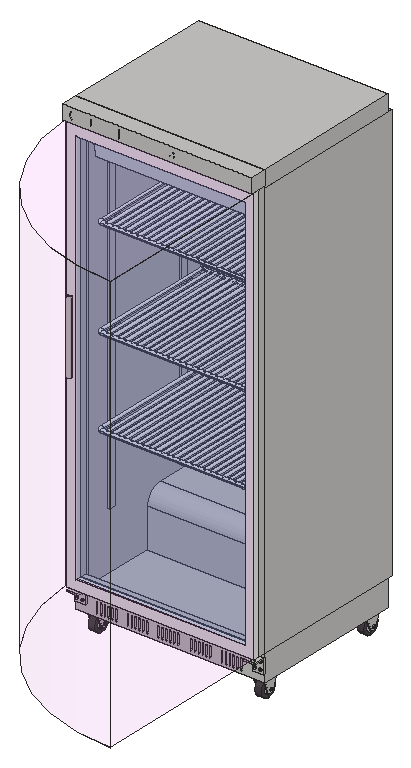
Revit family "QF_Kelvinator_738283_KCHRI25R1GDR", category Specialty Equipment, Revit 2021
Family settings
  Round Connector Dimension = Use Diameter
  Part Type = Normal
  Work Plane-Based = No
  Always vertical = Yes
  Cut with Voids When Loaded = No
  Shared = No
  Room Calculation Point = No
Parameters
  Weight in Pounds = 306.443
  Weight = 139.00 lbm
  Watts = 0 W
  Volts = 115 V
  URL Manufacturer = "KELVINATOR"
  URL Cutsheet = ""
  URL = "KELVINATOR"
  Specification by User = ""
  Specification by Manufacturer = ""
  Show Clearance [instance] = yes
  Serial Number = ""
  Seismic Rating = ""
  SMACNA No = ""
  Revision Code = ""
  Refrigerant Type = "R290"
  Phase = 1
  Number of Poles = 1
  NAFEM Spec ID Number = ""
  Model = "KCHRI25R1GDR"
  Min Ckt Ampacity = 0 A
  Max Overcurrent Protection = 0 A
  Masterspec = ""
  Manufacturer = "Kelvinator"
  Length Actual = 777"
  Length = 30 9/16"
  Item Number = "738283"
  Installed By = ""
  Identify Quantity as Lot = yes
  Height Actual = 1960"
  Height = 77 3/16"
  HP = "2.8 HP"
  Gas KW = 0
  Furnished By = ""
  Foodservice Equipment Identifier = yes
  FL Amps = 3 A
  Electrical Remarks = ""
  Electric Connection Type = ""
  Elec Conn RI Height = 0"
  Elec Conn Connection Height = 0"
  Description = "1-GLASS DOOR FULL HEIGHT REACH IN BACK ROOM REFRIGERATOR 31\" LONG"
  Depth Actual = 720"
  Depth = 28 3/8"
  Default Elevation = 0"
  Cycle = 60 Hz
  Conn Plug = "5-15P"
  Conn Conduit = yes
  CSI MasterFormat = ""
  Apparent Power = 0 VA
  Accessory = no
Reference planes (in)
  plane 1 "BACK": y = 0
  plane 2: z = 0
  plane 3 "LEFT": x = 0
  plane 4 "RIGHT": x = 30.5625
  plane 5 "FRONT": y = -28.375
  plane 6 "TOP": z = 77.1875
  plane 7 "Center Y": x = 15.28125
  plane 8 "Center X": y = -14.1875
Dimensions and locks (in)
  equal spacing: plane 3 "LEFT", plane 7 "Center Y", plane 4 "RIGHT"
  "Length": plane 3 "LEFT" to plane 4 "RIGHT"
  equal spacing: plane 5 "FRONT", plane 8 "Center X", plane 1 "BACK"
  "Depth": plane 5 "FRONT" to plane 1 "BACK"
  "Height": plane 6 "TOP" to level
  aligned and locked: level to plane 2
Nested families (in)
  nested 1: "KCHRI25R1GDR" at (0, 0, 0), Show Clearance <- "Show Clearance", Refrigerant Type <- "Refrigerant Type", type "KCHRI25R1GDR"
    with Show Clearance yes, Refrigerant Type "R290"
Connectors (in)
  electrical at (15.295, -0.84375, 11.30612), driven by "Volts", driven by "Watts"
    settings: on nested 1, index 1, voltage 115 V, apparent load 0 VA, apparent load phase1 0 VA, apparent load phase2 0 VA, apparent load phase3 0 VA, power factor 1, load classification "Other", number of poles 1, system type 30, power factor state 1, is connector primary yes, connector utility no, sub classification motor no, connector description "ELECTRICAL CONNECTION"
Definition of nested family "KCHRI25R1GDR"
  Parameters (values of type "KCHRI25R1GDR")
    Weight in Pounds = 774
    Watts = 1080 W
    Volts = 115 V
    URL Cutsheet = ""
    Specification by User = ""
    Specification by Manufacturer = ""
    Show Clearance [instance] = yes
    Serial Number = ""
    Seismic Rating = ""
    SMACNA No = ""
    Revision Code = ""
    Refrigerant Type [instance] = "R290"
    Phase = 1
    Number of Poles = 1
    NAFEM Spec ID Number = ""
    Model = "KCHGM72F"
    Min Ckt Ampacity = 0 A
    Max Overcurrent Protection = 0 A
    Masterspec = ""
    Manufacturer = "Kelvinator"
    Length = 30 9/16"
    Item Number = ""
    Installed By = ""
    Identify Quantity as Lot = yes
    Height = 77 3/16"
    HP = "1 1/2"
    Furnished By = ""
    Foodservice Equipment Identifier = yes
    FL Amps = 9 A
    Electrical Remarks = ""
    Electric Connection Type = ""
    Elec Conn RI Height = 0"
    Elec Conn Connection Height = 0"
    Description = "3-Hinged Glass Door Full Height Merchandiser Freezer"
    Depth = 28 3/8"
    Default Elevation = 0"
    Cycle = 60 Hz
    Conn Plug = "NEMA L14-20P"
    Conn Conduit = yes
    CSI MasterFormat = ""
    Apparent Power = if(Phase = 3, Volts * FL Amps * 1.73, Volts * FL Amps)  # 1035 VA
  Reference planes (in)
    plane 1 "BACK": y = 0
    plane 2: z = 0
    plane 3 "LEFT": x = 0
    plane 4 "RIGHT": x = 30.5625
    plane 5 "FRONT": y = -28.375
    plane 6 "TOP": z = 77.1875
    plane 7 "Center Y": x = 15.28125
    plane 8 "Center X": y = -14.1875
    plane 9: y = -57
    plane 10: z = 81.12361
    plane 11: y = -27.28
    plane 12: z = 78
    plane 13: z = 75.62361
  Forms (in)
    Extrusion 1, solid
      sketch origin (0, -27.28, 81.12361) x (0, 0, 1) y (1, 0, 0)
        loop
          line (-73.43495, 0.16739) -> (-5.72285, 0.16739) -> (-5.72285, 30.41974) -> (-73.43495, 30.41974) -> (-73.43495, 0.16739)
        loop
          line (-71.89871, 1.64755) -> (-7.39871, 1.64755) -> (-7.39871, 29.12005) -> (-71.89871, 29.12005) -> (-71.89871, 1.64755)
      from -0.5809 to 0.4852
    Extrusion 2, solid
      sketch origin (0, -27.28, 81.12361) x (0, 0, 1) y (1, 0, 0)
        loop
          line (-73.43495, 0.16739) -> (-5.72285, 0.16739) -> (-5.72285, 30.41974) -> (-73.43495, 30.41974) -> (-73.43495, 0.16739)
        loop
          line (-71.89871, 1.64755) -> (-7.39871, 1.64755) -> (-7.39871, 29.12005) -> (-71.89871, 29.12005) -> (-71.89871, 1.64755)
      from 1.5 to 0.4852
    Extrusion 3, solid
      sketch origin (0, 0, 0) x (1, 0, 0) y (0, 0, 1)
        loop
          line (0, 7.68865) -> (0, 3.5) -> (30.5625, 3.5) -> (30.5625, 7.68865) -> (0, 7.68865)
      from 0.875 to 25.78
    Extrusion 4, solid
      sketch origin (-4.38878, -180, 50.19014) x (-1, 0, 0) y (0, -1, 0)
        loop
          circle (-5.04255, -152.04275) r 0.41775
      from 0 to -11.78027
    Revolve 5, solid
      sketch origin (-8.24339, -180, 48.72633) x (-1, 0, 0) y (0, -1, 0)
        loop
          line (-8.89717, -152.18246) -> (-8.89717, -152.1391) -> (-9.14717, -152.1391) -> (-9.14717, -152.18246) -> (-8.89717, -152.18246)
        axis (-8.89717, -152.1391) -> (-8.89717, -152.18246)
      angle from 0 to 360
    Revolve 6, solid
      sketch origin (-8.24339, -180, 39.40987) x (-1, 0, 0) y (0, -1, 0)
        loop
          line (-8.89717, -152.18246) -> (-8.89717, -152.1391) -> (-9.14717, -152.1391) -> (-9.14717, -152.18246) -> (-8.89717, -152.18246)
        axis (-8.89717, -152.1391) -> (-8.89717, -152.18246)
      angle from 0 to 360
    Extrusion 7, solid
      sketch origin (28.25, -25.78, 7.68865) x (0, 1, 0) y (0, 0, -1)
        loop
          line (19.07706, -59.93191) -> (19.07706, -9.68191) -> (18.07706, -9.68191) -> (18.07706, -59.93191) -> (19.07706, -59.93191)
        loop
          line (4.49956, -59.93191) -> (4.49956, -9.68191) -> (3.49956, -9.68191) -> (3.49956, -59.93191) -> (4.49956, -59.93191)
      from 0 to 0.42486
    Extrusion 8, solid
      sketch origin (28.25, -21.28044, 67.62056) x (0, 0, -1) y (-1, 0, 0)
        loop
          line (37.54661, 1.17486) -> (37.54661, 0.42486) -> (38.18118, 0.42486) -> (37.74817, 1.17486) -> (37.54661, 1.17486)
      from 0 to -1
    Extrusion 9, solid
      sketch origin (28.25, -7.70294, 17.37056) x (0, 0, 1) y (-1, 0, 0)
        loop
          line (12.70339, 1.17486) -> (12.50183, 1.17486) -> (12.06882, 0.42486) -> (12.70339, 0.42486) -> (12.70339, 1.17486)
      from 0 to -1
    Extrusion 10, solid
      sketch origin (28.25, -21.28044, 81.82369) x (0, 0, -1) y (-1, 0, 0)
        loop
          line (37.54661, 1.17486) -> (37.54661, 0.42486) -> (38.18118, 0.42486) -> (37.74817, 1.17486) -> (37.54661, 1.17486)
      from 0 to -1
    Extrusion 11, solid
      sketch origin (28.25, -7.70294, 31.57369) x (0, 0, 1) y (-1, 0, 0)
        loop
          line (12.70339, 1.17486) -> (12.50183, 1.17486) -> (12.06882, 0.42486) -> (12.70339, 0.42486) -> (12.70339, 1.17486)
      from 0 to -1
    Extrusion 12, solid
      sketch origin (28.25, -21.28044, 97.76412) x (0, 0, -1) y (-1, 0, 0)
        loop
          line (37.54661, 1.17486) -> (37.54661, 0.42486) -> (38.18118, 0.42486) -> (37.74817, 1.17486) -> (37.54661, 1.17486)
      from 0 to -1
    Extrusion 13, solid
      sketch origin (28.25, -7.70294, 47.51412) x (0, 0, 1) y (-1, 0, 0)
        loop
          line (12.70339, 1.17486) -> (12.50183, 1.17486) -> (12.06882, 0.42486) -> (12.70339, 0.42486) -> (12.70339, 1.17486)
      from 0 to -1
    Extrusion 14, solid
      sketch origin (2.3125, -29.53, 7.68865) x (0, 1, 0) y (0, 0, 1)
        loop
          line (22.82706, 59.93191) -> (21.82706, 59.93191) -> (21.82706, 9.68191) -> (22.82706, 9.68191) -> (22.82706, 59.93191)
        loop
          line (8.24956, 59.93191) -> (7.24956, 59.93191) -> (7.24956, 9.68191) -> (8.24956, 9.68191) -> (8.24956, 59.93191)
      from 0 to 0.42486
    Extrusion 15, solid
      sketch origin (2.3125, -21.28044, 65.37056) x (0, 0, -1) y (-1, 0, 0)
        loop
          line (35.29661, -1.17486) -> (35.49817, -1.17486) -> (35.93118, -0.42486) -> (35.29661, -0.42486) -> (35.29661, -1.17486)
      from 0 to -1
    Extrusion 16, solid
      sketch origin (2.3125, -7.70294, 17.37056) x (0, 0, 1) y (-1, 0, 0)
        loop
          line (12.70339, -1.17486) -> (12.70339, -0.42486) -> (12.06882, -0.42486) -> (12.50183, -1.17486) -> (12.70339, -1.17486)
      from 0 to -1
    Extrusion 17, solid
      sketch origin (2.3125, -21.28044, 79.57369) x (0, 0, -1) y (-1, 0, 0)
        loop
          line (35.29661, -1.17486) -> (35.49817, -1.17486) -> (35.93118, -0.42486) -> (35.29661, -0.42486) -> (35.29661, -1.17486)
      from 0 to -1
    Extrusion 18, solid
      sketch origin (2.3125, -7.70294, 31.57369) x (0, 0, 1) y (-1, 0, 0)
        loop
          line (12.70339, -1.17486) -> (12.70339, -0.42486) -> (12.06882, -0.42486) -> (12.50183, -1.17486) -> (12.70339, -1.17486)
      from 0 to -1
    Extrusion 19, solid
      sketch origin (2.3125, -21.28044, 95.51412) x (0, 0, -1) y (-1, 0, 0)
        loop
          line (35.29661, -1.17486) -> (35.49817, -1.17486) -> (35.93118, -0.42486) -> (35.29661, -0.42486) -> (35.29661, -1.17486)
      from 0 to -1
    Extrusion 20, solid
      sketch origin (2.3125, -7.70294, 47.51412) x (0, 0, 1) y (-1, 0, 0)
        loop
          line (12.70339, -1.17486) -> (12.70339, -0.42486) -> (12.06882, -0.42486) -> (12.50183, -1.17486) -> (12.70339, -1.17486)
      from 0 to -1
    Extrusion 21, solid
      sketch origin (0, 0, 0) x (0, 1, 0) y (0, 0, 1)
        loop
          line (-2.9375, 16.5519) -> (-11.53125, 16.5519)
          arc (-11.53125, 16.5519) -> (-13.29902, 15.81967) -> (-14.03125, 14.0519) r 2.5
          line (-14.03125, 14.0519) -> (-14.03125, 7.68865) -> (-2.9375, 7.68865) -> (-2.9375, 16.5519)
      from 2.125 to 28.2775
    Extrusion 22, solid
      sketch origin (29.12005, -27.28, 9.22489) x (-1, 0, 0) y (0, -1, 0)
        loop
          line (27.4725, -0.32978) -> (27.4725, 0.42548) -> (0, 0.42548) -> (0, -0.32978) -> (27.4725, -0.32978)
      from 0 to 64.5
    Extrusion 23, void
      sketch origin (0, -28.346, 0) x (-1, 0, 0) y (0, 0, 1)
        loop
          line (-1.98879, 77.63973) -> (-28.40162, 77.63973)
          arc (-28.40162, 77.63973) -> (-29.27662, 76.76473) -> (-28.40162, 75.88973) r 0.875
          line (-28.40162, 75.88973) -> (-1.98879, 75.88973)
          arc (-1.98879, 75.88973) -> (-1.11379, 76.76473) -> (-1.98879, 77.63973) r 0.875
      from 0 to 0.15542
    Extrusion 24, solid
      sketch origin (0, -28.19058, 0) x (1, 0, 0) y (0, 0, 1)
        loop
          line (3.98862, 77.21205) -> (3.98862, 76.37792) -> (4.48862, 76.37792) -> (4.48862, 77.21205) -> (3.98862, 77.21205)
        loop
          line (6.12017, 77.49945) -> (6.12017, 75.99945) -> (9.00785, 75.99945) -> (9.00785, 77.49945) -> (6.12017, 77.49945)
      from 0 to 0.15542
    Extrusion 25, solid
      sketch origin (0, -28.19058, 0) x (1, 0, 0) y (0, 0, 1)
        loop
          circle (17.65678, 76.73736) r 0.39424
      from 0 to 0.15542
    Extrusion 26, solid
      sketch origin (2.125, -29.53, 2.18865) x (0, 1, 0) y (0, 0, 1)
        loop
          line (3.75, 73.2121) -> (4.99747, 67.34322) -> (5.47586, 67.4449) -> (4.25, 73.2121) -> (3.75, 73.2121)
      from 0 to 26.1525
    Extrusion 27, solid
      sketch origin (0, -27.8609, 0) x (1, 0, 0) y (0, 0, 1)
        loop
          line (0, 7.13599) -> (0, 6.88599) -> (1.75, 6.88599) -> (1.75, 7.13599) -> (0, 7.13599)
        loop
          line (30.5625, 7.13599) -> (28.8125, 7.13599) -> (28.8125, 6.88599) -> (30.5625, 6.88599) -> (30.5625, 7.13599)
      from -2.0809 to -0.1522
    Extrusion 28, solid
      sketch origin (0, 0, 0) x (0, 1, 0) y (0, 0, 1)
        loop
          line (-25.78, 7.13599) -> (-26.03, 7.13599) -> (-26.03, 4.8034) -> (-25.78, 4.8034) -> (-25.78, 7.13599)
      from 0 to 1.75
    Extrusion 29, solid
      sketch origin (30.59, 0, 0) x (0, 1, 0) y (0, 0, -1)
        loop
          line (-25.78, -7.13599) -> (-25.78, -4.8034) -> (-26.03, -4.8034) -> (-26.03, -7.13599) -> (-25.78, -7.13599)
      from 0 to 1.75
    Extrusion 30, solid
      sketch origin (30.59, -26.03, 7.13599) x (0, 0, -1) y (1, 0, 0)
        loop
          circle (0.64865, -30.23173) r 0.17581
        loop
          circle (0.64865, -29.31266) r 0.17581
        loop
          circle (1.76502, -30.23173) r 0.17581
        loop
          circle (1.76502, -29.31266) r 0.17581
        loop
          circle (0.64865, -0.48327) r 0.17581
        loop
          circle (0.64865, -1.40234) r 0.17581
        loop
          circle (1.76502, -0.48327) r 0.17581
        loop
          circle (1.76502, -1.40234) r 0.17581
      from 0 to 0.04211
    Revolve 31, solid
      sketch origin (29.16739, -27.32785, -25.76477) x (-1, 0, 0) y (0, 0, 1)
        loop
          line (-0.80511, 32.90076) -> (-0.80511, 33.45343) -> (-1.05511, 33.45343) -> (-1.05511, 32.90076) -> (-0.80511, 32.90076)
        axis (-0.80511, 32.90076) -> (-0.80511, 33.45343)
      angle from 0 to 360
    Extrusion 32, void
      sketch origin (0, -27.8609, 0) x (-1, 0, 0) y (0, 0, 1)
        loop
          line (-3.33024, 4.15926) -> (-3.33024, 5.65926)
          arc (-3.33024, 5.65926) -> (-3.47903, 5.80805) -> (-3.62782, 5.65926) r 0.14879
          line (-3.62782, 5.65926) -> (-3.62782, 4.15926)
          arc (-3.62782, 4.15926) -> (-3.47903, 4.01046) -> (-3.33024, 4.15926) r 0.14879
        loop
          line (-3.98331, 4.15926) -> (-3.98331, 5.65926)
          arc (-3.98331, 5.65926) -> (-4.1321, 5.80805) -> (-4.2809, 5.65926) r 0.14879
          line (-4.2809, 5.65926) -> (-4.2809, 4.15926)
          arc (-4.2809, 4.15926) -> (-4.1321, 4.01046) -> (-3.98331, 4.15926) r 0.14879
        loop
          line (-4.62284, 4.15926) -> (-4.62284, 5.65926)
          arc (-4.62284, 5.65926) -> (-4.77163, 5.80805) -> (-4.92042, 5.65926) r 0.14879
          line (-4.92042, 5.65926) -> (-4.92042, 4.15926)
          arc (-4.92042, 4.15926) -> (-4.77163, 4.01046) -> (-4.62284, 4.15926) r 0.14879
        loop
          line (-5.23868, 4.15926) -> (-5.23868, 5.65926)
          arc (-5.23868, 5.65926) -> (-5.38747, 5.80805) -> (-5.53627, 5.65926) r 0.14879
          line (-5.53627, 5.65926) -> (-5.53627, 4.15926)
          arc (-5.53627, 4.15926) -> (-5.38747, 4.01046) -> (-5.23868, 4.15926) r 0.14879
        loop
          line (-5.85452, 4.15926) -> (-5.85452, 5.65926)
          arc (-5.85452, 5.65926) -> (-6.00331, 5.80805) -> (-6.15211, 5.65926) r 0.14879
          line (-6.15211, 5.65926) -> (-6.15211, 4.15926)
          arc (-6.15211, 4.15926) -> (-6.00331, 4.01046) -> (-5.85452, 4.15926) r 0.14879
        loop
          line (-6.48221, 4.15926) -> (-6.48221, 5.65926)
          arc (-6.48221, 5.65926) -> (-6.631, 5.80805) -> (-6.77979, 5.65926) r 0.14879
          line (-6.77979, 5.65926) -> (-6.77979, 4.15926)
          arc (-6.77979, 4.15926) -> (-6.631, 4.01046) -> (-6.48221, 4.15926) r 0.14879
        loop
          line (-8.33024, 4.15926) -> (-8.33024, 5.65926)
          arc (-8.33024, 5.65926) -> (-8.47903, 5.80805) -> (-8.62782, 5.65926) r 0.14879
          line (-8.62782, 5.65926) -> (-8.62782, 4.15926)
          arc (-8.62782, 4.15926) -> (-8.47903, 4.01046) -> (-8.33024, 4.15926) r 0.14879
        loop
          line (-8.98331, 4.15926) -> (-8.98331, 5.65926)
          arc (-8.98331, 5.65926) -> (-9.1321, 5.80805) -> (-9.2809, 5.65926) r 0.14879
          line (-9.2809, 5.65926) -> (-9.2809, 4.15926)
          arc (-9.2809, 4.15926) -> (-9.1321, 4.01046) -> (-8.98331, 4.15926) r 0.14879
        loop
          line (-9.62284, 4.15926) -> (-9.62284, 5.65926)
          arc (-9.62284, 5.65926) -> (-9.77163, 5.80805) -> (-9.92042, 5.65926) r 0.14879
          line (-9.92042, 5.65926) -> (-9.92042, 4.15926)
          arc (-9.92042, 4.15926) -> (-9.77163, 4.01046) -> (-9.62284, 4.15926) r 0.14879
        loop
          line (-10.23868, 4.15926) -> (-10.23868, 5.65926)
          arc (-10.23868, 5.65926) -> (-10.38747, 5.80805) -> (-10.53627, 5.65926) r 0.14879
          line (-10.53627, 5.65926) -> (-10.53627, 4.15926)
          arc (-10.53627, 4.15926) -> (-10.38747, 4.01046) -> (-10.23868, 4.15926) r 0.14879
        loop
          line (-10.85452, 4.15926) -> (-10.85452, 5.65926)
          arc (-10.85452, 5.65926) -> (-11.00331, 5.80805) -> (-11.15211, 5.65926) r 0.14879
          line (-11.15211, 5.65926) -> (-11.15211, 4.15926)
          arc (-11.15211, 4.15926) -> (-11.00331, 4.01046) -> (-10.85452, 4.15926) r 0.14879
        loop
          line (-11.48221, 4.15926) -> (-11.48221, 5.65926)
          arc (-11.48221, 5.65926) -> (-11.631, 5.80805) -> (-11.77979, 5.65926) r 0.14879
          line (-11.77979, 5.65926) -> (-11.77979, 4.15926)
          arc (-11.77979, 4.15926) -> (-11.631, 4.01046) -> (-11.48221, 4.15926) r 0.14879
        loop
          line (-13.33024, 4.15926) -> (-13.33024, 5.65926)
          arc (-13.33024, 5.65926) -> (-13.47903, 5.80805) -> (-13.62782, 5.65926) r 0.14879
          line (-13.62782, 5.65926) -> (-13.62782, 4.15926)
          arc (-13.62782, 4.15926) -> (-13.47903, 4.01046) -> (-13.33024, 4.15926) r 0.14879
        loop
          line (-13.98331, 4.15926) -> (-13.98331, 5.65926)
          arc (-13.98331, 5.65926) -> (-14.1321, 5.80805) -> (-14.2809, 5.65926) r 0.14879
          line (-14.2809, 5.65926) -> (-14.2809, 4.15926)
          arc (-14.2809, 4.15926) -> (-14.1321, 4.01046) -> (-13.98331, 4.15926) r 0.14879
        loop
          line (-14.62284, 4.15926) -> (-14.62284, 5.65926)
          arc (-14.62284, 5.65926) -> (-14.77163, 5.80805) -> (-14.92042, 5.65926) r 0.14879
          line (-14.92042, 5.65926) -> (-14.92042, 4.15926)
          arc (-14.92042, 4.15926) -> (-14.77163, 4.01046) -> (-14.62284, 4.15926) r 0.14879
        loop
          line (-15.23868, 4.15926) -> (-15.23868, 5.65926)
          arc (-15.23868, 5.65926) -> (-15.38747, 5.80805) -> (-15.53627, 5.65926) r 0.14879
          line (-15.53627, 5.65926) -> (-15.53627, 4.15926)
          arc (-15.53627, 4.15926) -> (-15.38747, 4.01046) -> (-15.23868, 4.15926) r 0.14879
        loop
          line (-15.85452, 4.15926) -> (-15.85452, 5.65926)
          arc (-15.85452, 5.65926) -> (-16.00331, 5.80805) -> (-16.15211, 5.65926) r 0.14879
          line (-16.15211, 5.65926) -> (-16.15211, 4.15926)
          arc (-16.15211, 4.15926) -> (-16.00331, 4.01046) -> (-15.85452, 4.15926) r 0.14879
        loop
          line (-16.48221, 4.15926) -> (-16.48221, 5.65926)
          arc (-16.48221, 5.65926) -> (-16.631, 5.80805) -> (-16.77979, 5.65926) r 0.14879
          line (-16.77979, 5.65926) -> (-16.77979, 4.15926)
          arc (-16.77979, 4.15926) -> (-16.631, 4.01046) -> (-16.48221, 4.15926) r 0.14879
        loop
          line (-18.58024, 4.15926) -> (-18.58024, 5.65926)
          arc (-18.58024, 5.65926) -> (-18.72903, 5.80805) -> (-18.87782, 5.65926) r 0.14879
          line (-18.87782, 5.65926) -> (-18.87782, 4.15926)
          arc (-18.87782, 4.15926) -> (-18.72903, 4.01046) -> (-18.58024, 4.15926) r 0.14879
        loop
          line (-19.23331, 4.15926) -> (-19.23331, 5.65926)
          arc (-19.23331, 5.65926) -> (-19.3821, 5.80805) -> (-19.5309, 5.65926) r 0.14879
          line (-19.5309, 5.65926) -> (-19.5309, 4.15926)
          arc (-19.5309, 4.15926) -> (-19.3821, 4.01046) -> (-19.23331, 4.15926) r 0.14879
        loop
          line (-19.87284, 4.15926) -> (-19.87284, 5.65926)
          arc (-19.87284, 5.65926) -> (-20.02163, 5.80805) -> (-20.17042, 5.65926) r 0.14879
          line (-20.17042, 5.65926) -> (-20.17042, 4.15926)
          arc (-20.17042, 4.15926) -> (-20.02163, 4.01046) -> (-19.87284, 4.15926) r 0.14879
        loop
          line (-20.48868, 4.15926) -> (-20.48868, 5.65926)
          arc (-20.48868, 5.65926) -> (-20.63747, 5.80805) -> (-20.78627, 5.65926) r 0.14879
          line (-20.78627, 5.65926) -> (-20.78627, 4.15926)
          arc (-20.78627, 4.15926) -> (-20.63747, 4.01046) -> (-20.48868, 4.15926) r 0.14879
        loop
          line (-21.10452, 4.15926) -> (-21.10452, 5.65926)
          arc (-21.10452, 5.65926) -> (-21.25331, 5.80805) -> (-21.40211, 5.65926) r 0.14879
          line (-21.40211, 5.65926) -> (-21.40211, 4.15926)
          arc (-21.40211, 4.15926) -> (-21.25331, 4.01046) -> (-21.10452, 4.15926) r 0.14879
        loop
          line (-21.73221, 4.15926) -> (-21.73221, 5.65926)
          arc (-21.73221, 5.65926) -> (-21.881, 5.80805) -> (-22.02979, 5.65926) r 0.14879
          line (-22.02979, 5.65926) -> (-22.02979, 4.15926)
          arc (-22.02979, 4.15926) -> (-21.881, 4.01046) -> (-21.73221, 4.15926) r 0.14879
        loop
          line (-23.58024, 4.15926) -> (-23.58024, 5.65926)
          arc (-23.58024, 5.65926) -> (-23.72903, 5.80805) -> (-23.87782, 5.65926) r 0.14879
          line (-23.87782, 5.65926) -> (-23.87782, 4.15926)
          arc (-23.87782, 4.15926) -> (-23.72903, 4.01046) -> (-23.58024, 4.15926) r 0.14879
        loop
          line (-24.23331, 4.15926) -> (-24.23331, 5.65926)
          arc (-24.23331, 5.65926) -> (-24.3821, 5.80805) -> (-24.5309, 5.65926) r 0.14879
          line (-24.5309, 5.65926) -> (-24.5309, 4.15926)
          arc (-24.5309, 4.15926) -> (-24.3821, 4.01046) -> (-24.23331, 4.15926) r 0.14879
        loop
          line (-24.87284, 4.15926) -> (-24.87284, 5.65926)
          arc (-24.87284, 5.65926) -> (-25.02163, 5.80805) -> (-25.17042, 5.65926) r 0.14879
          line (-25.17042, 5.65926) -> (-25.17042, 4.15926)
          arc (-25.17042, 4.15926) -> (-25.02163, 4.01046) -> (-24.87284, 4.15926) r 0.14879
        loop
          line (-25.48868, 4.15926) -> (-25.48868, 5.65926)
          arc (-25.48868, 5.65926) -> (-25.63747, 5.80805) -> (-25.78627, 5.65926) r 0.14879
          line (-25.78627, 5.65926) -> (-25.78627, 4.15926)
          arc (-25.78627, 4.15926) -> (-25.63747, 4.01046) -> (-25.48868, 4.15926) r 0.14879
        loop
          line (-26.10452, 4.15926) -> (-26.10452, 5.65926)
          arc (-26.10452, 5.65926) -> (-26.25331, 5.80805) -> (-26.40211, 5.65926) r 0.14879
          line (-26.40211, 5.65926) -> (-26.40211, 4.15926)
          arc (-26.40211, 4.15926) -> (-26.25331, 4.01046) -> (-26.10452, 4.15926) r 0.14879
        loop
          line (-26.73221, 4.15926) -> (-26.73221, 5.65926)
          arc (-26.73221, 5.65926) -> (-26.881, 5.80805) -> (-27.02979, 5.65926) r 0.14879
          line (-27.02979, 5.65926) -> (-27.02979, 4.15926)
          arc (-27.02979, 4.15926) -> (-26.881, 4.01046) -> (-26.73221, 4.15926) r 0.14879
      from 2.0809 to 2.53252
    Extrusion 33, solid, visible <- "Show Clearance"
      sketch origin (30.41974, -27.28, 7.68865) x (0, 1, 0) y (1, 0, 0)
        loop
          line (-0.57982, -30.44824) -> (-0.57982, 0.14276) -> (-29.72305, 0.14276)
          arc (-29.72305, 0.14276) -> (-21.27833, -20.98967) -> (-0.57982, -30.44824) r 30.6004
      from 0 to -67.7121
    Extrusion 34, solid
      sketch origin (1, -0.875, 7.68865) x (1, 0, 0) y (0, 0, -1)
        loop
          circle (14.295, -3.61747) r 0.5
      from 0 to 0.03125
    Extrusion 35, solid
      sketch origin (33.27958, -180, 0) x (0, -1, 0) y (-1, 0, 0)
        loop
          line (-180, 33.27958) -> (-180, 32.27958) -> (-179.125, 32.27958) -> (-179.125, 3.71708) -> (-180, 3.71708) -> (-180, 2.71708) -> (-154.22, 2.71708) -> (-154.22, 5.02958) -> (-176.5625, 5.02958)
          arc (-176.5625, 5.02958) -> (-176.91605, 5.17602) -> (-177.0625, 5.52958) r 0.5
          line (-177.0625, 5.52958) -> (-177.0625, 30.65458)
          arc (-177.0625, 30.65458) -> (-176.91605, 31.00813) -> (-176.5625, 31.15458) r 0.5
          line (-176.5625, 31.15458) -> (-154.22, 31.15458) -> (-154.22, 33.27958) -> (-180, 33.27958)
      from -7.68865 to -75.40076
    Extrusion 36, solid
      sketch origin (30.5625, 0, 75.62361) x (0, 1, 0) y (1, 0, 0)
        loop
          circle (-27.84195, -0.59) r 0.25
      from 0 to 0.22285
    Extrusion 37, solid
      sketch origin (0, 0, -5.5) x (1, 0, 0) y (0, 0, 1)
        loop
          line (0, 83.5) -> (0, 81.12361) -> (30.5625, 81.12361) -> (30.5625, 83.5) -> (0, 83.5)
      from 25.78 to 28.375
    Extrusion 38, solid
      sketch origin (0, 0, -5.5) x (1, 0, 0) y (0, 0, 1)
        loop
          line (0, 83.5) -> (0, 80.90076) -> (30.5625, 80.90076) -> (30.5625, 83.5) -> (0, 83.5)
      from 25.78 to 0.875
  Cuts and joins
    joined: Extrusion 4, Revolve 5, Revolve 6
    Extrusion 23 cuts Extrusion 21
    joined: Extrusion 27, Extrusion 28, Extrusion 29
    Extrusion 32 cuts Extrusion 3
    Extrusion 23 cuts Extrusion 37
  Lines and regions (in)
    symbolic lines
      curve 1: line (1, 0, 5.5) -> (1, -0.875, 5.5)
      curve 2: line (1, -0.875, 5.5) -> (29.534, -0.875, 5.5)
      curve 3: line (29.534, -0.875, 5.5) -> (29.534, 0, 5.5)
      curve 4: line (29.534, 0, 5.5) -> (30.5625, 0, 5.5)
      curve 5: line (30.5625, 0, 5.5) -> (30.5625, -28.375, 5.5)
      curve 6: line (0, -28.375, 5.5) -> (0, -0.1109, 5.5)
      curve 7: line (0, 0, 5.5) -> (1, 0, 5.5)
      curve 8: line (30.5625, -25.78, 5.5) -> (0, -25.78, 5.5)
      curve 9: arc (1.07152, -29.14125, 5.5) -> (0.65377, -28.7235, 5.5) -> (0.23602, -29.14125, 5.5) r 0.41775
      curve 10: arc (0.23602, -29.14125, 5.5) -> (0.65377, -29.559, 5.5) -> (1.07152, -29.14125, 5.5) r 0.41775
      curve 11: line (0.40377, -28.80656, 5.5) -> (0.40377, -28.375, 5.5)
      curve 12: line (0.90377, -28.80656, 5.5) -> (0.90377, -28.375, 5.5)
      curve 13: line (0, -28.375, 5.5) -> (30.5625, -28.375, 5.5)
      curve 15: line (30.5625, -28.375, 5.5) -> (4.96567, -43.16979, 5.5)
    symbolic lines, visible <- "Show Clearance"
      curve 14: arc (4.96567, -43.16979, 5.5) -> (1.46942, -35.89274, 5.5) -> (0, -27.95423, 5.5) r 30.57125
  Dimensions and locks (in)
    equal spacing: plane 3 "LEFT", plane 7 "Center Y", plane 4 "RIGHT"
    "Length": plane 3 "LEFT" to plane 4 "RIGHT"
    equal spacing: plane 5 "FRONT", plane 8 "Center X", plane 1 "BACK"
    "Depth": plane 5 "FRONT" to plane 1 "BACK"
    "Height": plane 6 "TOP" to level
    plane 9 to plane 1 "BACK" = 57"
    plane 3 "LEFT" to plane 4 "RIGHT" = 30 9/16"
    plane 12 to level = 78"
    aligned and locked: plane 2 to level
  Automatic sketch dimensions
    plane 4 "RIGHT" to Extrusion 1 sketch curve = 0.14276"
    level to Extrusion 1 sketch curve = 7.68865"
    Extrusion 1 sketch curve to Extrusion 1 sketch curve = 1.53624"
    Extrusion 1 sketch curve to plane 13 = 1.89871"
    Extrusion 1 sketch curve to plane 13 = 0.22285"
    plane 4 "RIGHT" to Extrusion 1 sketch curve = 1.44245"
    plane 3 "LEFT" to Extrusion 1 sketch curve = 1.64755"
    plane 3 "LEFT" to Extrusion 1 sketch curve = 0.16739"
    plane 4 "RIGHT" to Extrusion 2 sketch curve = 0.14276"
    level to Extrusion 2 sketch curve = 7.68865"
    Extrusion 2 sketch curve to Extrusion 2 sketch curve = 1.53624"
    Extrusion 2 sketch curve to plane 13 = 1.89871"
    Extrusion 2 sketch curve to plane 13 = 0.22285"
    plane 4 "RIGHT" to Extrusion 2 sketch curve = 1.44245"
    plane 3 "LEFT" to Extrusion 2 sketch curve = 1.64755"
    plane 3 "LEFT" to Extrusion 2 sketch curve = 0.16739"
    Extrusion 3 sketch curve to plane 3 "LEFT" = 0"
    plane 4 "RIGHT" to Extrusion 3 sketch curve = 0"
    level to Extrusion 3 sketch curve = 3 1/2"
    Extrusion 3 sketch curve to Extrusion 3 sketch curve = 4.18865"
    plane 3 "LEFT" to Extrusion 4 sketch curve = 0.65377"
    Extrusion 4 sketch curve to plane 5 "FRONT" = 0.41775"
    plane 3 "LEFT" to Revolve 5 sketch curve = 0.90377"
    Revolve 5 sketch curve to Revolve 5 sketch curve = 1/4"
    Revolve 5 sketch curve to plane 11 = 0.5809"
    Revolve 5 sketch curve to plane 5 "FRONT" = 0.55746"
    Revolve 5 sketch curve to Revolve 5 sketch curve = 0"  (x2)
    Revolve 5 sketch curve to Revolve 5 sketch curve = 0.27804"
    plane 3 "LEFT" to Revolve 6 sketch curve = 0.90377"
    Revolve 6 sketch curve to Revolve 6 sketch curve = 1/4"
    Revolve 6 sketch curve to plane 11 = 0.5809"
    Revolve 6 sketch curve to plane 5 "FRONT" = 0.55746"
    Revolve 6 sketch curve to Revolve 6 sketch curve = 0"  (x2)
    Revolve 6 sketch curve to Revolve 6 sketch curve = 0.27804"
    plane 11 to Extrusion 7 sketch curve = 4.99956"
    Extrusion 7 sketch curve to Extrusion 7 sketch curve = 1"  (x2)
    plane 8 "Center X" to Extrusion 7 sketch curve = 6.48456"
    Extrusion 7 sketch curve to plane 13 = 8.00304"  (x2)
    level to Extrusion 7 sketch curve = 17.37056"
    Extrusion 7 sketch curve to Extrusion 7 sketch curve = 0"
    Extrusion 8 sketch curve to Extrusion 7 = 0"
    Extrusion 7 to Extrusion 8 sketch curve = 12.70339"
    Extrusion 8 sketch curve to Extrusion 7 = 3/4"
    Extrusion 8 sketch curve to Extrusion 8 sketch curve = 0.20156"
    Extrusion 8 sketch curve to Extrusion 8 sketch curve = 0.63457"
    Extrusion 9 sketch curve to Extrusion 7 = 0"
    Extrusion 7 to Extrusion 9 sketch curve = 12.06882"
    Extrusion 9 sketch curve to Extrusion 9 sketch curve = 0.43301"
    Extrusion 9 sketch curve to Extrusion 9 sketch curve = 0.20156"
    Extrusion 9 sketch curve to Extrusion 7 = 3/4"
    Extrusion 10 sketch curve to Extrusion 7 = 0"
    Extrusion 7 to Extrusion 10 sketch curve = 23.34349"
    Extrusion 10 sketch curve to Extrusion 7 = 3/4"
    Extrusion 10 sketch curve to Extrusion 10 sketch curve = 0.20156"
    Extrusion 10 sketch curve to Extrusion 10 sketch curve = 0.63457"
    Extrusion 11 sketch curve to Extrusion 7 = 0"
    Extrusion 11 sketch curve to Extrusion 7 = 23.97805"
    Extrusion 11 sketch curve to Extrusion 11 sketch curve = 0.43301"
    Extrusion 11 sketch curve to Extrusion 11 sketch curve = 0.20156"
    Extrusion 11 sketch curve to Extrusion 7 = 3/4"
    Extrusion 12 sketch curve to Extrusion 7 = 0"
    Extrusion 7 to Extrusion 12 sketch curve = 7.40306"
    Extrusion 12 sketch curve to Extrusion 7 = 3/4"
    Extrusion 12 sketch curve to Extrusion 12 sketch curve = 0.20156"
    Extrusion 12 sketch curve to Extrusion 12 sketch curve = 0.63457"
    Extrusion 13 sketch curve to Extrusion 7 = 0"
    Extrusion 13 sketch curve to Extrusion 7 = 8.03762"
    Extrusion 13 sketch curve to Extrusion 13 sketch curve = 0.43301"
    Extrusion 13 sketch curve to Extrusion 13 sketch curve = 0.20156"
    Extrusion 13 sketch curve to Extrusion 7 = 3/4"
    plane 11 to Extrusion 14 sketch curve = 4.99956"
    Extrusion 14 sketch curve to Extrusion 14 sketch curve = 1"  (x2)
    plane 8 "Center X" to Extrusion 14 sketch curve = 6.48456"
    level to Extrusion 14 sketch curve = 17.37056"
    Extrusion 14 sketch curve to Extrusion 14 sketch curve = 0"
    Extrusion 14 sketch curve to plane 13 = 8.00304"  (x2)
    Extrusion 14 to Extrusion 15 sketch curve = 0"
    Extrusion 14 to Extrusion 15 sketch curve = 12.70339"
    Extrusion 15 sketch curve to Extrusion 14 = 3/4"
    Extrusion 15 sketch curve to Extrusion 15 sketch curve = 0.20156"
    Extrusion 15 sketch curve to Extrusion 15 sketch curve = 0.63457"
    Extrusion 14 to Extrusion 16 sketch curve = 0"
    Extrusion 14 to Extrusion 16 sketch curve = 12.06882"
    Extrusion 16 sketch curve to Extrusion 16 sketch curve = 0.43301"
    Extrusion 16 sketch curve to Extrusion 16 sketch curve = 0.20156"
    Extrusion 16 sketch curve to Extrusion 16 sketch curve = 3/4"
    Extrusion 14 to Extrusion 17 sketch curve = 0"
    Extrusion 14 to Extrusion 17 sketch curve = 23.34349"
    Extrusion 17 sketch curve to Extrusion 14 = 3/4"
    Extrusion 17 sketch curve to Extrusion 17 sketch curve = 0.20156"
    Extrusion 17 sketch curve to Extrusion 17 sketch curve = 0.63457"
    Extrusion 14 to Extrusion 18 sketch curve = 0"
    Extrusion 18 sketch curve to Extrusion 14 = 23.97805"
    Extrusion 18 sketch curve to Extrusion 18 sketch curve = 0.43301"
    Extrusion 18 sketch curve to Extrusion 18 sketch curve = 0.20156"
    Extrusion 18 sketch curve to Extrusion 18 sketch curve = 3/4"
    Extrusion 14 to Extrusion 19 sketch curve = 0"
    Extrusion 14 to Extrusion 19 sketch curve = 7.40306"
    Extrusion 19 sketch curve to Extrusion 14 = 3/4"
    Extrusion 19 sketch curve to Extrusion 19 sketch curve = 0.20156"
    Extrusion 19 sketch curve to Extrusion 19 sketch curve = 0.63457"
    Extrusion 14 to Extrusion 20 sketch curve = 0"
    Extrusion 20 sketch curve to Extrusion 14 = 8.03762"
    Extrusion 20 sketch curve to Extrusion 20 sketch curve = 0.43301"
    Extrusion 20 sketch curve to Extrusion 20 sketch curve = 0.20156"
    Extrusion 20 sketch curve to Extrusion 20 sketch curve = 3/4"
    plane 8 "Center X" to Extrusion 21 sketch curve = 5/32"
    Extrusion 21 sketch curve to Extrusion 21 sketch curve = 2 1/2"
    plane 1 "BACK" to Extrusion 21 sketch curve = 2 15/16"
    level to Extrusion 21 sketch curve = 7.68865"
    Extrusion 21 sketch curve to Extrusion 21 sketch curve = 6.36325"
    Extrusion 22 sketch curve to Extrusion 1 = 0"  (x2)
    Extrusion 1 to Extrusion 22 sketch curve = 0.15542"  (x2)
    Extrusion 23 sketch curve to plane 12 = 0.36027"
    plane 4 "RIGHT" to Extrusion 23 sketch curve = 2.16088"
    plane 13 to Extrusion 23 sketch curve = 0.26613"
    plane 3 "LEFT" to Extrusion 23 sketch curve = 1.98879"
    Extrusion 24 sketch curve to Extrusion 23 = 0.48819"
    Extrusion 24 sketch curve to Extrusion 24 sketch curve = 1/2"
    Extrusion 24 sketch curve to Extrusion 23 = 0.14028"
    Extrusion 24 sketch curve to Extrusion 24 sketch curve = 1.63155"
    Extrusion 24 sketch curve to Extrusion 24 sketch curve = 2.88769"
    Extrusion 24 sketch curve to Extrusion 23 = 0.10972"
    Extrusion 24 sketch curve to Extrusion 23 = 0.42768"
    Extrusion 25 sketch curve to Extrusion 23 = 0.84763"
    Extrusion 26 sketch curve to plane 13 = 0.22285"
    plane 11 to Extrusion 26 sketch curve = 1 1/2"
    Extrusion 26 sketch curve to Extrusion 26 sketch curve = 1/2"
    plane 11 to Extrusion 26 sketch curve = 2.74747"
    Extrusion 26 sketch curve to Extrusion 26 sketch curve = 0.47839"
    Extrusion 27 sketch curve to plane 3 "LEFT" = 0"
    plane 4 "RIGHT" to Extrusion 27 sketch curve = 0"
    plane 3 "LEFT" to Extrusion 27 sketch curve = 1 3/4"
    plane 4 "RIGHT" to Extrusion 27 sketch curve = 1 3/4"
    level to Extrusion 27 sketch curve = 6.88599"  (x2)
    Extrusion 27 sketch curve to Extrusion 27 sketch curve = 1/4"  (x2)
    plane 11 to Extrusion 28 sketch curve = 1 1/4"
    Extrusion 28 sketch curve to Extrusion 28 sketch curve = 1/4"
    level to Extrusion 28 sketch curve = 4.8034"
    Extrusion 28 sketch curve to Extrusion 28 sketch curve = 2.33259"
    plane 11 to Extrusion 29 sketch curve = 1 1/4"
    Extrusion 29 sketch curve to Extrusion 29 sketch curve = 1/4"
    level to Extrusion 29 sketch curve = 7.13599"
    Extrusion 29 sketch curve to Extrusion 29 sketch curve = 2.33259"
    Extrusion 30 sketch curve to Extrusion 29 = 0.64865"  (x4)
    Extrusion 30 sketch curve to Extrusion 29 = 0.56757"  (x4)
    Extrusion 30 sketch curve to Extrusion 29 = 28.48173"
    Extrusion 30 sketch curve to Extrusion 30 sketch curve = 0"
    Extrusion 30 sketch curve to Extrusion 30 sketch curve = 0.91907"  (x2)
    Extrusion 29 to Extrusion 30 sketch curve = 89/256"  (x2)
    Extrusion 29 to Extrusion 30 sketch curve = 0.48327"  (x2)
    plane 4 "RIGHT" to Revolve 31 sketch curve = 0.34"
    Revolve 31 sketch curve to Revolve 31 sketch curve = 1/4"
    level to Revolve 31 sketch curve = 7.13599"
    Revolve 31 sketch curve to Revolve 31 sketch curve = 0.55267"
    Revolve 31 sketch curve to Revolve 31 sketch curve = 0"  (x2)
    Revolve 31 sketch curve to Revolve 31 sketch curve = 0.11142"
    plane 4 "RIGHT" to Extrusion 32 sketch curve = 3.53271"
    Extrusion 32 sketch curve to Extrusion 32 sketch curve = 0.14879"  (x29)
    Extrusion 32 sketch curve to Extrusion 32 sketch curve = 0.3301"  (x5)
    Extrusion 32 sketch curve to Extrusion 32 sketch curve = 0.31825"  (x9)
    Extrusion 32 sketch curve to Extrusion 32 sketch curve = 0.34194"  (x5)
    Extrusion 32 sketch curve to Extrusion 32 sketch curve = 91/256"  (x5)
    Extrusion 32 sketch curve to Extrusion 32 sketch curve = 1.55044"  (x3)
    plane 7 "Center Y" to Extrusion 32 sketch curve = 1.49854"
    plane 7 "Center Y" to Extrusion 32 sketch curve = 0.25502"
    plane 7 "Center Y" to Extrusion 32 sketch curve = 0.10622"
    level to Extrusion 32 sketch curve = 4.15926"  (x2)
    Extrusion 32 sketch curve to Extrusion 32 sketch curve = 0"  (x53)
    Extrusion 32 sketch curve to Extrusion 32 sketch curve = 1 1/2"  (x5)
    plane 7 "Center Y" to Extrusion 34 sketch curve = 0.01375"
    level to Extrusion 34 sketch curve = 11.30612"
    plane 1 "BACK" to Extrusion 35 sketch curve = 0"  (x2)
    Extrusion 35 sketch curve to plane 3 "LEFT" = 0"
    Extrusion 35 sketch curve to plane 4 "RIGHT" = 0"
    Extrusion 35 sketch curve to Extrusion 35 sketch curve = 7/8"
    Extrusion 35 sketch curve to Extrusion 35 sketch curve = 2 1/16"
    Extrusion 35 sketch curve to Extrusion 35 sketch curve = 1/2"  (x2)
    plane 11 to Extrusion 35 sketch curve = 1 1/2"  (x2)
    plane 3 "LEFT" to Extrusion 35 sketch curve = 1"
    plane 3 "LEFT" to Extrusion 35 sketch curve = 2 1/8"
    plane 4 "RIGHT" to Extrusion 35 sketch curve = 2 13/16"
    plane 4 "RIGHT" to Extrusion 35 sketch curve = 1"
    Extrusion 36 sketch curve to Extrusion 36 sketch curve = 0"  (x2)
    Extrusion 36 sketch curve to Extrusion 37 = 0.53305"
    Extrusion 37 to Extrusion 36 sketch curve = 0.59"
    Extrusion 36 sketch curve to Extrusion 36 sketch curve = 1/4"
    Extrusion 37 sketch curve to plane 3 "LEFT" = 0"
    plane 4 "RIGHT" to Extrusion 37 sketch curve = 0"
    Extrusion 37 sketch curve to plane 13 = 0"
    Extrusion 37 sketch curve to plane 12 = 0"
    Extrusion 38 sketch curve to plane 3 "LEFT" = 0"
    plane 4 "RIGHT" to Extrusion 38 sketch curve = 0"
    Extrusion 38 sketch curve to plane 12 = 0"
    Extrusion 38 sketch curve to plane 13 = 0.22285"
    Extrusion 33 sketch curve to Extrusion 1 = 0.14276"
    Extrusion 1 to Extrusion 33 sketch curve = 29.14215"
    Extrusion 33 sketch curve to Extrusion 1 = 0.00108"
    Extrusion 33 sketch curve to Extrusion 1 = 0.11744"
    Extrusion 1 to Extrusion 33 sketch curve = 0.39214"
    curve 13 to plane 4 "RIGHT" = 0"
    plane 1 "BACK" to curve 4 = 0"
    plane 1 "BACK" to curve 1 = 0"
    plane 5 "FRONT" to curve 11 = 0"
    curve 8 to plane 3 "LEFT" = 0"
    curve 7 to plane 3 "LEFT" = 0"
    plane 4 "RIGHT" to curve 14 = 0.03038"
    plane 4 "RIGHT" to curve 3 = 1.0285"
    plane 3 "LEFT" to curve 15 = 4.96567"
    plane 3 "LEFT" to curve 1 = 1"
    plane 3 "LEFT" to curve 9 = 0.65377"
    curve 1 to curve 2 = 7/8"
    plane 11 to curve 14 = 0.87201"
    plane 5 "FRONT" to curve 10 = 0.76625"
    curve 9 to curve 15 = 14.02854"
    curve 9 to curve 9 = 0.41775"
    curve 9 to curve 12 = 0.16775"
    curve 11 to curve 9 = 0.16775"
    curve 7 to curve 6 = 0.1109"
    curve 8 to curve 14 = 0.62799"
    radius of Extrusion 4 sketch curve = 0.41775"
    radius of Extrusion 25 sketch curve = 0.39424"
    radius of Extrusion 30 sketch curve = 0.17581"  (x8)
    radius of Extrusion 34 sketch curve = 1/2"
  Nested families (in)
    nested 1: "Kelvinator_Shelf" at (2.89992, -3.08844, 30.07395), type "Kelvinator_Shelf"
    nested 2: "Kelvinator_Shelf" at (2.92, -3.08844, 44.27834), type "Kelvinator_Shelf"
    nested 3: "Kelvinator_Shelf" at (2.92, -3.08844, 60.21753), type "Kelvinator_Shelf"
    nested 4: "Family3" at (3, 60, 0), type "Family3"
    nested 5: "3.5 INCHES_CASTER_FIXED.0001" at (1.875, -23.55414, 0), type "3.5 INCHES_CASTER_FIXED.0001"
      with Show Key Lock no, Show 3.5 Inches Casters yes, F5 yes
    nested 6: "3.5 INCHES_CASTER_FIXED.0001" at (28.875, -23.55414, 0), type "3.5 INCHES_CASTER_FIXED.0001"
      with Show Key Lock no, Show 3.5 Inches Casters yes, F5 yes
    nested 7: "3.5 INCHES_CASTER_FIXED.0001" at (1.875, -2.80414, 0), type "3.5 INCHES_CASTER_FIXED.0001"
      with Show Key Lock no, Show 3.5 Inches Casters yes, F5 yes
    nested 8: "3.5 INCHES_CASTER_FIXED.0001" at (28.875, -2.80414, 0), type "3.5 INCHES_CASTER_FIXED.0001"
      with Show Key Lock no, Show 3.5 Inches Casters yes, F5 yes
  Definition of nested family "Kelvinator_Shelf"
    Parameters (values of type "Kelvinator_Shelf")
      Weight in Pounds = 0
      URL Cutsheet = ""
      Specification by User = ""
      Specification by Manufacturer = ""
      Serial Number = ""
      Seismic Rating = ""
      SMACNA No = ""
      Revision Code = ""
      NAFEM Spec ID Number = ""
      Masterspec = ""
      Length = 24 3/4"
      Item Number = ""
      Installed By = ""
      Identify Quantity as Lot = yes
      Height = 2"
      Furnished By = ""
      Foodservice Equipment Identifier = yes
      Depth = 25 3/4"
      Default Elevation = 0"
      CSI MasterFormat = ""
    Reference planes (in)
      plane 1 "BACK": y = 0
      plane 2: z = 0
      plane 3 "LEFT": x = 0
      plane 4 "RIGHT": x = 24.75
      plane 5 "FRONT": y = -25.75
      plane 6 "TOP": z = 2
      plane 7 "Center Y": x = 12.375
      plane 8 "Center X": y = -12.875
    Forms (in)
      Sweep 1, solid
        path origin (0, 0, 0) x (1, 0, 0) y (0, 1, 0)
          loop
            line (0, -1) -> (0, -21.45259)
            arc (0, -21.45259) -> (0.21967, -21.98292) -> (0.75, -22.20259) r 0.75
            line (0.75, -22.20259) -> (24, -22.20259)
            arc (24, -22.20259) -> (24.53033, -21.98292) -> (24.75, -21.45259) r 0.75
            line (24.75, -21.45259) -> (24.75, -1)
        profile origin (0, -11.2263, 0) x (1, 0, 0) y (0, 0, 1)
          loop
            circle (0.25, 0.25) r 0.25
      Sweep 2, solid
        path origin (0, 0, 0) x (0, 1, 0) y (0, 0, 1)
          loop
            line (-1, 0) -> (-0.75, 0)
            arc (-0.75, 0) -> (-0.21967, 0.21967) -> (0, 0.75) r 0.75
            line (0, 0.75) -> (0, 1)
        profile origin (0, -0.875, 0) x (0, 0, 1) y (1, 0, 0)
          loop
            circle (0.25, 0.25) r 0.25
      Sweep 3, solid
        path origin (24.75, 0, 0) x (0, 1, 0) y (0, 0, -1)
          loop
            line (-1, 0) -> (-0.75, 0)
            arc (-0.75, 0) -> (-0.21967, -0.21967) -> (0, -0.75) r 0.75
            line (0, -0.75) -> (0, -1)
        profile origin (24.75, -0.875, 0) x (0, 0, -1) y (-1, 0, 0)
          loop
            circle (-0.25, 0.25) r 0.25
      Sweep 4, solid
        path origin (0, 0, 0) x (1, 0, 0) y (0, 0, 1)
          loop
            line (0, 1) -> (0, 1.25)
            arc (0, 1.25) -> (0.21967, 1.78033) -> (0.75, 2) r 0.75
            line (0.75, 2) -> (24, 2)
            arc (24, 2) -> (24.53033, 1.78033) -> (24.75, 1.25) r 0.75
            line (24.75, 1.25) -> (24.75, 1)
        profile origin (0, 0, 1.125) x (-1, 0, 0) y (0, -1, 0)
          loop
            circle (-0.25, 0.25) r 0.25
      Extrusion 5, solid
        sketch origin (0, 0, 0) x (0, 1, 0) y (0, 0, 1)
          loop
            circle (-1, 0.25) r 0.25
        from 0.24911 to 24.51842
      Extrusion 6, solid
        sketch origin (0, 0, 0) x (1, 0, 0) y (0, 0, 1)
          loop
            circle (1.5, 0.25) r 0.24911
          loop
            circle (2.5, 0.25) r 0.24911
          loop
            circle (3.5, 0.25) r 0.24911
          loop
            circle (4.5, 0.25) r 0.24911
          loop
            circle (5.5, 0.25) r 0.24911
          loop
            circle (6.5, 0.25) r 0.24911
          loop
            circle (7.5, 0.25) r 0.24911
          loop
            circle (8.5, 0.25) r 0.24911
          loop
            circle (9.5, 0.25) r 0.24911
          loop
            circle (10.5, 0.25) r 0.24911
          loop
            circle (11.5, 0.25) r 0.24911
          loop
            circle (12.375, 0.25) r 0.24911
          loop
            circle (13.375, 0.25) r 0.24911
          loop
            circle (14.375, 0.25) r 0.24911
          loop
            circle (15.375, 0.25) r 0.24911
          loop
            circle (16.375, 0.25) r 0.24911
          loop
            circle (17.375, 0.25) r 0.24911
          loop
            circle (18.375, 0.25) r 0.24911
          loop
            circle (19.375, 0.25) r 0.24911
          loop
            circle (20.375, 0.25) r 0.24911
          loop
            circle (21.375, 0.25) r 0.24911
          loop
            circle (22.375, 0.25) r 0.24911
          loop
            circle (23.375, 0.25) r 0.24911
        from 1.00062 to 21.95309
    Cuts and joins
      joined: Sweep 1, Sweep 2, Sweep 3, Sweep 4
    Dimensions and locks (in)
      equal spacing: plane 3 "LEFT", plane 7 "Center Y", plane 4 "RIGHT"
      "Length": plane 3 "LEFT" to plane 4 "RIGHT"
      equal spacing: plane 5 "FRONT", plane 8 "Center X", plane 1 "BACK"
      "Depth": plane 5 "FRONT" to plane 1 "BACK"
      "Height": plane 6 "TOP" to level
      aligned and locked: level to plane 2
    Automatic sketch dimensions
      Sweep 1 sketch curve to profile plane = 1/4"
      level to Sweep 1 sketch curve = 1/4"
      Sweep 2 sketch curve to level = 0"
      Sweep 2 sketch curve to plane 1 "BACK" = 0"
      plane 1 "BACK" to Sweep 2 sketch curve = 3/4"
      Sweep 2 sketch curve to Sweep 2 sketch curve = 1/4"  (x2)
      Sweep 2 sketch curve to Sweep 2 sketch curve = 0"  (x2)
      Sweep 2 sketch curve to plane 3 "LEFT" = 0"
      Sweep 2 sketch curve to profile plane = 1/4"
      plane 3 "LEFT" to Sweep 2 sketch curve = 1/4"
      Sweep 3 sketch curve to level = 0"
      Sweep 3 sketch curve to plane 1 "BACK" = 0"
      plane 1 "BACK" to Sweep 3 sketch curve = 3/4"
      Sweep 3 sketch curve to Sweep 3 sketch curve = 1/4"  (x2)
      Sweep 3 sketch curve to Sweep 3 sketch curve = 0"  (x2)
      profile plane to Sweep 3 sketch curve = 0"
      profile plane to Sweep 3 sketch curve = 1/4"  (x2)
      Sweep 4 sketch curve to plane 3 "LEFT" = 0"
      Sweep 4 sketch curve to plane 6 "TOP" = 0"
      plane 4 "RIGHT" to Sweep 4 sketch curve = 0"
      plane 3 "LEFT" to Sweep 4 sketch curve = 3/4"
      plane 4 "RIGHT" to Sweep 4 sketch curve = 3/4"
      Sweep 4 sketch curve to Sweep 4 sketch curve = 1/4"  (x3)
      Sweep 4 sketch curve to Sweep 4 sketch curve = 0"  (x2)
      Sweep 4 sketch curve to profile plane = 0"
      plane 1 "BACK" to Sweep 4 sketch curve = 1/4"
      level to Extrusion 5 sketch curve = 1/4"
      plane 1 "BACK" to Extrusion 5 sketch curve = 1"
      level to Extrusion 6 sketch curve = 1/4"  (x23)
      plane 3 "LEFT" to Extrusion 6 sketch curve = 1 1/2"
      Extrusion 6 sketch curve to Extrusion 6 sketch curve = 1"  (x20)
      Extrusion 6 sketch curve to plane 7 "Center Y" = 0"
      plane 7 "Center Y" to Extrusion 6 sketch curve = 1"
      Sweep 1 sketch curve to plane 3 "LEFT" = 0"
      Sweep 1 sketch curve to plane 4 "RIGHT" = 0"
      plane 3 "LEFT" to Sweep 1 sketch curve = 3/4"
      plane 4 "RIGHT" to Sweep 1 sketch curve = 3/4"
      Sweep 1 sketch curve to plane 5 "FRONT" = 3.54741"
      plane 1 "BACK" to Sweep 1 sketch curve = 1"  (x2)
      radius of Sweep 1 sketch curve = 1/4"
      radius of Extrusion 5 sketch curve = 1/4"
      radius of Extrusion 6 sketch curve = 0.24911"  (x23)
    Nested families (in)
      nested 1: "Family3" at (-5.01032, -4.46331, 0), type "Family3"
    Definition of nested family "Family3"
      Parameters (values of type "Family3")
        Weight in Pounds = 0
        URL Cutsheet = ""
        Specification by User = ""
        Specification by Manufacturer = ""
        Serial Number = ""
        Seismic Rating = ""
        SMACNA No = ""
        Revision Code = ""
        NAFEM Spec ID Number = ""
        Masterspec = ""
        Length = 48"
        Item Number = ""
        Installed By = ""
        Identify Quantity as Lot = yes
        Height = 48"
        Furnished By = ""
        Foodservice Equipment Identifier = yes
        Depth = 48"
        Default Elevation = 0"
        CSI MasterFormat = ""
      Reference planes (in)
        plane 1 "BACK": y = 0
        plane 2: z = 0
        plane 3 "LEFT": x = 0
        plane 4 "RIGHT": x = 48
        plane 5 "FRONT": y = -48
        plane 6 "TOP": z = 48
        plane 7 "Center Y": x = 24
        plane 8 "Center X": y = -24
      Dimensions and locks (in)
        equal spacing: plane 3 "LEFT", plane 7 "Center Y", plane 4 "RIGHT"
        "Length": plane 3 "LEFT" to plane 4 "RIGHT"
        equal spacing: plane 5 "FRONT", plane 8 "Center X", plane 1 "BACK"
        "Depth": plane 5 "FRONT" to plane 1 "BACK"
        "Height": plane 6 "TOP" to level
        aligned and locked: level to plane 2
  Definition of nested family "3.5 INCHES_CASTER_FIXED.0001"
    Parameters (values of type "3.5 INCHES_CASTER_FIXED.0001")
      Show Key Lock [instance] = no
      Show 3.5 Inches Casters [instance] = yes
      F5 [instance] = yes
      Default Elevation = 0"
    Reference planes (in)
      plane 1 "Center (Front/Back)": y = 0
      plane 2: z = 0
      plane 3 "Center (Left/Right)": x = 0
      plane 4: z = 3.5
    Forms (in)
      Revolve 1, solid, visible <- "Show 3.5 Inches Casters"
        sketch origin (-1.93794, 0, -1.25409) x (1, 0, 0) y (0, 0, 1)
          loop
            line (0.81956, 2.6291) -> (0.81956, 2.56922) -> (0.85393, 2.53485) -> (0.92956, 2.53485) -> (0.92956, 2.44602) -> (1.29838, 2.44602) -> (1.29838, 2.30132) -> (1.38482, 2.25141) -> (1.42737, 1.98847) -> (1.37588, 1.98847) -> (1.37588, 1.78535) -> (1.40713, 1.78535) -> (1.40713, 1.25409) -> (2.46875, 1.25409) -> (2.46875, 1.78535) -> (2.5, 1.78535) -> (2.5, 1.98847) -> (2.44851, 1.98847) -> (2.49106, 2.25141) -> (2.5775, 2.30132) -> (2.5775, 2.44602) -> (2.94632, 2.44602) -> (2.94632, 2.53485) -> (3.02195, 2.53485) -> (3.05632, 2.56922) -> (3.05632, 2.6291) -> (0.81956, 2.6291)
          axis (0.81956, 2.6291) -> (3.05632, 2.6291)
        angle from 0 to 360
      Extrusion 2, solid, visible <- "Show 3.5 Inches Casters"
        sketch origin (-1.98481, 1.0429, -2.15059) x (0, 1, 0) y (0, 0, 1)
          loop
            line (-2.23001, 5.33423) -> (-2.23001, 5.00584) -> (0.1442, 5.00584) -> (0.1442, 5.33423) -> (-2.23001, 5.33423)
        from 1.29857 to 2.67106
      Revolve 3, solid, visible <- "Show 3.5 Inches Casters"
        sketch origin (0, 2.21793, -2.6465) x (0, 1, 0) y (0, 0, 1)
          loop
            line (-2.21793, 6.1465) -> (-2.21793, 5.83014) -> (-1.05793, 5.83014) -> (-1.05793, 6.1465) -> (-2.21793, 6.1465)
          axis (-2.21793, 5.83014) -> (-2.21793, 6.1465)
        angle from 0 to 360
      Extrusion 4, solid, visible <- "Show 3.5 Inches Casters"
        sketch origin (-2.06294, 1.0429, -2.15059) x (0, 1, 0) y (0, 0, 1)
          loop
            line (-2.23001, 5.33423) -> (-2.23001, 4.91825) -> (-1.50315, 3.2059)
            arc (-1.50315, 3.2059) -> (-1.0429, 2.90126) -> (-0.58265, 3.2059) r 0.5
            line (-0.58265, 3.2059) -> (0.1442, 4.91825) -> (0.1442, 5.33423) -> (-2.23001, 5.33423)
        from 2.74918 to 2.90825
      Extrusion 5, solid, visible <- "Show 3.5 Inches Casters"
        sketch origin (2.06294, 1.0429, -2.15059) x (0, 1, 0) y (0, 0, -1)
          loop
            line (-2.23001, -5.33423) -> (0.1442, -5.33423) -> (0.1442, -4.91825) -> (-0.58265, -3.2059)
            arc (-0.58265, -3.2059) -> (-1.0429, -2.90126) -> (-1.50315, -3.2059) r 0.5
            line (-1.50315, -3.2059) -> (-2.23001, -4.91825) -> (-2.23001, -5.33423)
        from 2.74918 to 2.90825
    Cuts and joins
      joined: Revolve 1, Extrusion 2, Extrusion 4, Extrusion 5
    Lines and regions (in)
      symbolic lines, visible <- "Show 3.5 Inches Casters"
        curve 1: line (-1.07514, -0.72999, 0) -> (-0.15575, -1.2608, 0)
        curve 2: line (0.15575, 1.40198, 0) -> (-0.21925, 0.75247, 0)
        curve 3: line (1.07514, 0.87117, 0) -> (0.15575, 1.40198, 0)
        curve 4: line (-0.15575, -1.2608, 0) -> (0.28086, -0.50457, 0)
        curve 5: line (-0.65215, 0.00266, 0) -> (-1.07514, -0.72999, 0)
        curve 6: line (0.70014, 0.22166, 0) -> (1.07514, 0.87117, 0)
    Dimensions and locks (in)
      plane 4 to level = 3 1/2"  (x2)
      aligned and locked: level to plane 2
      aligned and locked: plane 4 to Revolve 3
      aligned and locked: Extrusion 2 to Extrusion 4
      aligned and locked: cut or joined group of Revolve 1, Extrusion 2, Extrusion 4, Extrusion 5 to Extrusion 2 sketch curve
  Definition of nested family "Family3"
    Parameters (values of type "Family3")
      Weight in Pounds = 0
      URL Cutsheet = ""
      Specification by User = ""
      Specification by Manufacturer = ""
      Serial Number = ""
      Seismic Rating = ""
      SMACNA No = ""
      Revision Code = ""
      NAFEM Spec ID Number = ""
      Masterspec = ""
      Length = 48"
      Item Number = ""
      Installed By = ""
      Identify Quantity as Lot = yes
      Height = 48"
      Furnished By = ""
      Foodservice Equipment Identifier = yes
      Depth = 48"
      Default Elevation = 0"
      CSI MasterFormat = ""
    Reference planes (in)
      plane 1 "BACK": y = 0
      plane 2: z = 0
      plane 3 "LEFT": x = 0
      plane 4 "RIGHT": x = 48
      plane 5 "FRONT": y = -48
      plane 6 "TOP": z = 48
      plane 7 "Center Y": x = 24
      plane 8 "Center X": y = -24
    Dimensions and locks (in)
      equal spacing: plane 3 "LEFT", plane 7 "Center Y", plane 4 "RIGHT"
      "Length": plane 3 "LEFT" to plane 4 "RIGHT"
      equal spacing: plane 5 "FRONT", plane 8 "Center X", plane 1 "BACK"
      "Depth": plane 5 "FRONT" to plane 1 "BACK"
      "Height": plane 6 "TOP" to level
      aligned and locked: level to plane 2
